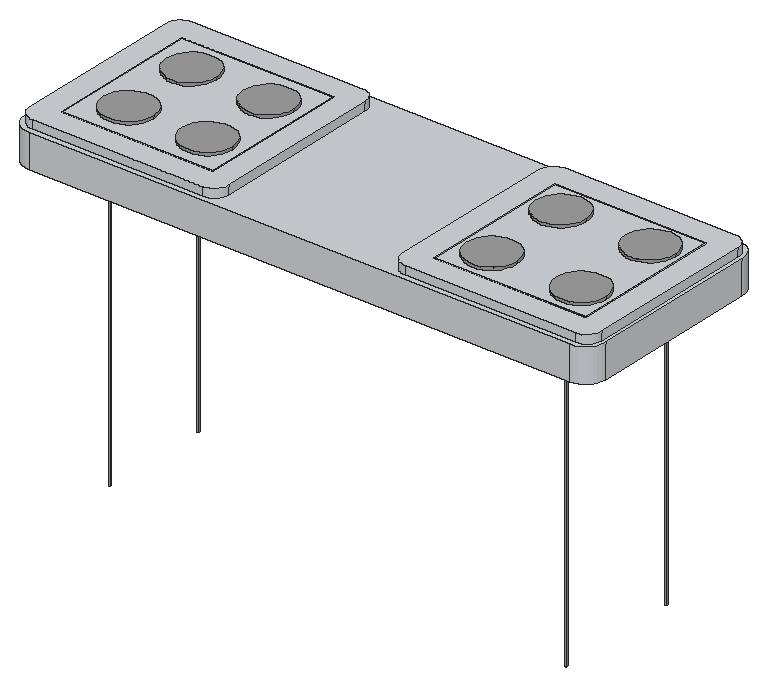
Revit family "Lighting-Industriale-GEWISS-SMART[4]HLO_APPARECCHI-LED_2M", category Apparecchi per illuminazione, Revit 2019
Family settings
  Quota connettore circolare = Usa diametro
  Tipo di parte = Normale
  Numero OmniClass = 23.80.70.00
  Titolo OmniClass = Lighting
  Basato su piano di lavoro = Sì
  Sempre verticale = No
  Taglio con vuoti quando caricato = No
  Sorgente d'illuminazione = No
  Condiviso = No
  Punto di calcolo locali = No
Parameters (values of type "GWS4222BQ857 - SMART4HB 2M C.PAS.ON/OFF HLO ELL.57K")
  Voltaggio = 230 V
  Viti esterne = "Acciaio inox"
  Versione file RFA = "20.11"
  Vano di alimentazione = "Integrato"
  URL = "https://www.gewiss.com/it/it"
  Tolleranza cromatica = "SDCM = 3"
  Tipologia sorgente luminosa = "LED - Non sostituibile"
  Tipo di installazione e montaggio = "Plafone - Parete - Sospensione"
  Tipo di apparecchio = "Riflettore industriale a LED&nbsp;"
  Tensione di alimentazione = "220 - 240 V"
  Temperatura di stoccaggio = "-40 +70 °C"
  Temperatura di esercizio = "-30°C ÷ +50 °C"
  Temperatura di colore = "5700K"
  Superficie massima esposta al vento : = "0,184 m²"
  Spostamento_y_etichetta [instance] = 0 mm
  Spostamento_y_effettivo_etichetta [instance] = 1500 mm - Spostamento_y_etichetta  # 1500 mm
  Spostamento_x_etichetta [instance] = 0 mm
  Spostamento_X_effettivo_etichetta [instance] = 1500 mm - Spostamento_x_etichetta  # 1500 mm
  SostituibilitÃ  piastra di cablaggio = "Non sostituibile"
  SostituibilitÃ  gruppo ottico = "Non sostituibile"
  Sistema di controllo : = "ON / OFF"
  Sistema di controllo = "ON / OFF"
  Schermo = "Vetro Temprato Spessore 4mm"
  Scheda Tecnica = "https://www.gewiss.com/it/it/search?q=GWS4222BQ857"
  SEO = "High bay"
  Resistenza al filo incandescente = "850 °C"
  Resistenza agli urti = "IK08"
  Produttore = "GEWISS S.p.A."
  Potenza di sistema = "125W"
  Peso (kg): = "6,5"
  Ottica = "Ellittica"
  Offset etichetta W [instance] = 150 mm
  Norma di riferimento = "EN 60598-1 ; EN 60598-2-1 ; EN 60598-2-24"
  Modello = "GWS4222BQ857"
  Materiali = "-"
  Lumen output (lm) = "16000"
  Lampada = "LED"
  Installazione e manutenzione = "-"
  Informazioni generali = "-"
  Indice di resa cromatica = "CRI-80"
  Inclinazione = "Con accessorio staffa"
  Immagine tipo = GWL1311.jpg
  IPEA = "-"
  IFC.TypeObject = ""
  IFC.ExportType = ""
  IFC.ExportAs = ""
  IDT = "d6c0a54b56be4af78e01cdd4bdcb8af8"
  IDF = "5274bbbe-5488-4b27-9c90-45de0a4a626a"
  Guarnizioni = "tipo siliconico antinvecchiamento "
  Gruppo ottico = "Riflettore in PC metallizzato e lenti in PMMA"
  Grado di protezione = "IP66"
  Garanzia = "5 anni"
  Gancio di chiusura = "-"
  Frequenza nominale (Hz) = "50/60 Hz"
  Fissaggio = "-"
  Finitura colore = "Grigio RAL 7035"
  Etichetta wattaggio [instance] = yes
  Trasformatore = none
  Struttura plafoniera = none
  Spessore plafoniera = 40 mm  # constant formula
  Default Elevation = 1219.2 mm  # constant formula
  Proiettsmart2_simb [instance] = yes
  Plafoniera bidimensionale [instance] = not(Proiettsmart2_simb)  # no
  Efficienza luminosa (lm/W) = "128"
  Durata di vita = "L90B10 (Tq+25°C) = 70.000 h - L90B10 (Tq+50°C) = 35.000 h"
  Dispositivo di protezione = "DM 6kV / CM 6kV"
  Descrizione = "SMART[4]HB 2M C.PAS.ON/OFF HLO ELL.57K"
  Creato da GEWISS S.p.A. = ""
  Corpo = "PA6 “Halogen Free” caricato fibra vetro"
  Controllo abbagliamento e luminanza = "-"
  Contesto = "Illuminazione di industrie e impianti sportivi"
  Commenti sul wattaggio = "97W"
  Colore = "Grigio RAL 7035"
  Codice digitale univoco (Datamatrix) = "Datamatrix"
  Codice Electrocod = "2444"
  Classificazione: = "-"
  Classificazione = Lighting
  Classe isolamento = "I"
  Classe fotobiologica = "RG0"
  Certificazioni e classificazioni = "-"
  Certificazione DIN 18032-3 = "Con Staffa - Kit Funi + morsetto (in approvazione)"
  Catalogo = "LIGHTING"
  Carico apparente = 97 VA
  Motore = none
  Mascherina = none
  Lunghezza = 699 mm  # constant formula
  Larghezza = 254 mm  # constant formula
  Distanza_tot_plafoniera [instance] = 350 mm
  Dist_sorg_lum = 10 mm  # constant formula
  Caratteristiche ottiche e illuminotecniche = "-"
  Caratteristiche elettriche e gestione della luce = "-"
  Cablaggio = "Con connettore stagno Gw connect"
  COBie.Tagnumber = ""
  COBie.CreatedOn = ""
  COBie.CreatebBy = ""
  COBie.ComponentRegisterItemID = ""
  COBie.Component.TagNumber = ""
  COBie.Component.Space = ""
  COBie.Component.SerialNumber = ""
  COBie.Component.InstallationDate = ""
  COBie.Component.Description = ""
  COBie.Component.BarCode = ""
  Applicazione = "Interno"
  Apparecchio a ridotta temperatura superficiale = "Si"
  Alimentatore = "Incluso"
Types (36, lengths in mm): name | Temperatura di colore | Scheda Tecnica | SEO | Ottica | Modello | Lumen output (lm) | IDT | Gruppo ottico | Efficienza luminosa (lm/W) | Descrizione | Controllo abbagliamento e luminanza
  GWS4220BA830 - SMART4HB 2M ST.AL.ON/OFF HLO ARR.30K | "3000K" | "https://www.gewiss.com/it/it/search?q=GWS4220BA830" | "" | "Array" | "GWS4220BA830" | "17200" | "24d03d014c0a4d3498f1affdcbeda462" | "Riflettore in PC metallizzato" | "138" | "SMART[4]HB 2M ST.AL.ON/OFF HLO ARR.30K" | "-"
  GWS4220BA840 - SMART4HB 2M ST.AL.ON/OFF HLO ARR.40K | "4000K" | "https://www.gewiss.com/it/it/search?q=GWS4220BA840" | "" | "Array" | "GWS4220BA840" | "18000" | "81e8a863ca61499da3269fac4440ab1c" | "Riflettore in PC metallizzato" | "144" | "SMART[4]HB 2M ST.AL.ON/OFF HLO ARR.40K" | "-"
  GWS4220BA857 - SMART4HB 2M ST.AL.ON/OFF HLO ARR.57K | "5700K" | "https://www.gewiss.com/it/it/search?q=GWS4220BA857" | "" | "Array" | "GWS4220BA857" | "18000" | "7f3521a36ad84bc18d65bf198d2a9bdd" | "Riflettore in PC metallizzato" | "144" | "SMART[4]HB 2M ST.AL.ON/OFF HLO ARR.57K" | "-"
  GWS4220BC830 - SMART4HB 2M ST.AL.ON/OFF HLO ASI.30K | "3000K" | "https://www.gewiss.com/it/it/search?q=GWS4220BC830" | "High bay" | "Asimmetrica" | "GWS4220BC830" | "15300" | "ba592e983c444e30b732b0e1f686411f" | "Riflettore in PC metallizzato e lenti in PMMA" | "122" | "SMART[4]HB 2M ST.AL.ON/OFF HLO ASI.30K" | "-"
  GWS4220BC840 - SMART4HB 2M ST.AL.ON/OFF HLO ASI.40K | "4000K" | "https://www.gewiss.com/it/it/search?q=GWS4220BC840" | "High bay" | "Asimmetrica" | "GWS4220BC840" | "16000" | "98fdf577c3f744edbe488c897f7331d0" | "Riflettore in PC metallizzato e lenti in PMMA" | "128" | "SMART[4]HB 2M ST.AL.ON/OFF HLO ASI.40K" | "-"
  GWS4220BC857 - SMART4HB 2M ST.AL.ON/OFF HLO ASI.57K | "5700K" | "https://www.gewiss.com/it/it/search?q=GWS4220BC857" | "High bay" | "Asimmetrica" | "GWS4220BC857" | "16000" | "df0d10ff848e4a35b1c0508332ffa1c0" | "Riflettore in PC metallizzato e lenti in PMMA" | "128" | "SMART[4]HB 2M ST.AL.ON/OFF HLO ASI.57K" | "-"
  GWS4220BF830 - SMART4HB 2M ST.AL.ON/OFF HLO 30° 30K | "3000K" | "https://www.gewiss.com/it/it/search?q=GWS4220BF830" | "" | "30°" | "GWS4220BF830" | "16800" | "9b4f86a385f04365bf5d1848084e3385" | "Riflettore in PC metallizzato e lenti in PMMA" | "134" | "SMART[4]HB 2M ST.AL.ON/OFF HLO 30° 30K" | "UGR - 19"
  GWS4220BF840 - SMART4HB 2M ST.AL.ON/OFF HLO 30° 40K | "4000K" | "https://www.gewiss.com/it/it/search?q=GWS4220BF840" | "" | "30°" | "GWS4220BF840" | "17600" | "0acb9741882f4124b2c72b769f003c05" | "Riflettore in PC metallizzato e lenti in PMMA" | "141" | "SMART[4]HB 2M ST.AL.ON/OFF HLO 30° 40K" | "UGR - 19"
  GWS4220BF857 - SMART4HB 2M ST.AL.ON/OFF HLO 30° 57K | "5700K" | "https://www.gewiss.com/it/it/search?q=GWS4220BF857" | "" | "30°" | "GWS4220BF857" | "17600" | "91496396c07540d4a9663451a58793eb" | "Riflettore in PC metallizzato e lenti in PMMA" | "141" | "SMART[4]HB 2M ST.AL.ON/OFF HLO 30° 57K" | "UGR - 19"
  GWS4220BH830 - SMART4HB 2M ST.AL.ON/OFF HLO 60° 30K | "3000K" | "https://www.gewiss.com/it/it/search?q=GWS4220BH830" | "" | "60°" | "GWS4220BH830" | "16900" | "dfecee9127624adf91331589a3649d6a" | "Riflettore in PC metallizzato e lenti in PMMA" | "135" | "SMART[4]HB 2M ST.AL.ON/OFF HLO 60° 30K" | "UGR - 22"
  GWS4220BH840 - SMART4HB 2M ST.AL.ON/OFF HLO 60° 40K | "4000K" | "https://www.gewiss.com/it/it/search?q=GWS4220BH840" | "" | "60°" | "GWS4220BH840" | "17700" | "1e5c2a38d3b74e2083426e324ecdf826" | "Riflettore in PC metallizzato e lenti in PMMA" | "142" | "SMART[4]HB 2M ST.AL.ON/OFF HLO 60° 40K" | "UGR - 22"
  GWS4220BH857 - SMART4HB 2M ST.AL.ON/OFF HLO 60° 57K | "5700K" | "https://www.gewiss.com/it/it/search?q=GWS4220BH857" | "" | "60°" | "GWS4220BH857" | "17700" | "a438571dba0d4dbb97ddd7da8efe13d8" | "Riflettore in PC metallizzato e lenti in PMMA" | "142" | "SMART[4]HB 2M ST.AL.ON/OFF HLO 60° 57K" | "UGR - 22"
  GWS4220BP830 - SMART4HB 2M ST.AL.ON/OFF HLO 90° 30K | "3000K" | "https://www.gewiss.com/it/it/search?q=GWS4220BP830" | "" | "90°" | "GWS4220BP830" | "17200" | "f41181f258904c788555baa6c87281e5" | "Riflettore in PC metallizzato e lenti in PMMA" | "138" | "SMART[4]HB 2M ST.AL.ON/OFF HLO 90° 30K" | "UGR - 25"
  GWS4220BP840 - SMART4HB 2M ST.AL.ON/OFF HLO 90° 40K | "4000K" | "https://www.gewiss.com/it/it/search?q=GWS4220BP840" | "" | "90°" | "GWS4220BP840" | "18000" | "70351733781d414397dfcd3f69f7ae31" | "Riflettore in PC metallizzato e lenti in PMMA" | "144" | "SMART[4]HB 2M ST.AL.ON/OFF HLO 90° 40K" | "UGR - 25"
  GWS4220BP857 - SMART4HB 2M ST.AL.ON/OFF HLO 90° 57K | "5700K" | "https://www.gewiss.com/it/it/search?q=GWS4220BP857" | "" | "90°" | "GWS4220BP857" | "18000" | "aadff2165c4643c3a8714c2f7a425822" | "Riflettore in PC metallizzato e lenti in PMMA" | "144" | "SMART[4]HB 2M ST.AL.ON/OFF HLO 90° 57K" | "UGR - 25"
  GWS4220BQ830 - SMART4HB 2M ST.AL.ON/OFF HLO ELL.30K | "3000K" | "https://www.gewiss.com/it/it/search?q=GWS4220BQ830" | "High bay" | "Ellittica" | "GWS4220BQ830" | "15300" | "9c1f54e1e65a4b89b1495931b2ca54bc" | "Riflettore in PC metallizzato e lenti in PMMA" | "122" | "SMART[4]HB 2M ST.AL.ON/OFF HLO ELL.30K" | "-"
  GWS4220BQ840 - SMART4HB 2M ST.AL.ON/OFF HLO ELL.40K | "4000K" | "https://www.gewiss.com/it/it/search?q=GWS4220BQ840" | "High bay" | "Ellittica" | "GWS4220BQ840" | "16000" | "047c150ec136493a8c7594ed9bbf5be2" | "Riflettore in PC metallizzato e lenti in PMMA" | "128" | "SMART[4]HB 2M ST.AL.ON/OFF HLO ELL.40K" | "-"
  GWS4220BQ857 - SMART4HB 2M ST.AL.ON/OFF HLO ELL.57K | "5700K" | "https://www.gewiss.com/it/it/search?q=GWS4220BQ857" | "High bay" | "Ellittica" | "GWS4220BQ857" | "16000" | "65e1e2272c6d492fb9228f131457e558" | "Riflettore in PC metallizzato e lenti in PMMA" | "128" | "SMART[4]HB 2M ST.AL.ON/OFF HLO ELL.57K" | "-"
  GWS4222BA830 - SMART4HB 2M C.PAS.ON/OFF HLO ARR.30K | "3000K" | "https://www.gewiss.com/it/it/search?q=GWS4222BA830" | "" | "Array" | "GWS4222BA830" | "17200" | "1a4eaa3897444e36a3a76e694b90e03b" | "Riflettore in PC metallizzato" | "138" | "SMART[4]HB 2M C.PAS.ON/OFF HLO ARR.30K" | "-"
  GWS4222BA840 - SMART4HB 2M C.PAS.ON/OFF HLO ARR.40K | "4000K" | "https://www.gewiss.com/it/it/search?q=GWS4222BA840" | "" | "Array" | "GWS4222BA840" | "18000" | "0ca93c9f7c9045e893334bd0f9e562e4" | "Riflettore in PC metallizzato" | "144" | "SMART[4]HB 2M C.PAS.ON/OFF HLO ARR.40K" | "-"
  GWS4222BA857 - SMART4HB 2M C.PAS.ON/OFF HLO ARR.57K | "5700K" | "https://www.gewiss.com/it/it/search?q=GWS4222BA857" | "" | "Array" | "GWS4222BA857" | "18000" | "979a982cd98f47a4b8e47fc84b34f6ff" | "Riflettore in PC metallizzato" | "144" | "SMART[4]HB 2M C.PAS.ON/OFF HLO ARR.57K" | "-"
  GWS4222BC830 - SMART4HB 2M C.PAS.ON/OFF HLO ASI.30K | "3000K" | "https://www.gewiss.com/it/it/search?q=GWS4222BC830" | "High bay" | "Asimmetrica" | "GWS4222BC830" | "15300" | "5210f148fd064117b11f4a473694ee56" | "Riflettore in PC metallizzato e lenti in PMMA" | "122" | "SMART[4]HB 2M C.PAS.ON/OFF HLO ASI.30K" | "-"
  GWS4222BC840 - SMART4HB 2M C.PAS.ON/OFF HLO ASI.40K | "4000K" | "https://www.gewiss.com/it/it/search?q=GWS4222BC840" | "High bay" | "Asimmetrica" | "GWS4222BC840" | "16000" | "082fd37b17804584a6454bd896f34976" | "Riflettore in PC metallizzato e lenti in PMMA" | "128" | "SMART[4]HB 2M C.PAS.ON/OFF HLO ASI.40K" | "-"
  GWS4222BC857 - SMART4HB 2M C.PAS.ON/OFF HLO ASI.57K | "5700K" | "https://www.gewiss.com/it/it/search?q=GWS4222BC857" | "High bay" | "Asimmetrica" | "GWS4222BC857" | "16000" | "74f3209b436046fca64abd47b3928625" | "Riflettore in PC metallizzato e lenti in PMMA" | "128" | "SMART[4]HB 2M C.PAS.ON/OFF HLO ASI.57K" | "-"
  GWS4222BF830 - SMART4HB 2M C.PAS.ON/OFF HLO 30° 30K | "3000K" | "https://www.gewiss.com/it/it/search?q=GWS4222BF830" | "" | "30°" | "GWS4222BF830" | "16800" | "2830fdbed2144c46a92d35b9d68d5526" | "Riflettore in PC metallizzato e lenti in PMMA" | "134" | "SMART[4]HB 2M C.PAS.ON/OFF HLO 30° 30K" | "UGR - 19"
  GWS4222BF840 - SMART4HB 2M C.PAS.ON/OFF HLO 30° 40K | "4000K" | "https://www.gewiss.com/it/it/search?q=GWS4222BF840" | "" | "30°" | "GWS4222BF840" | "17600" | "2d41e6448359410f84725a9c7e448fc2" | "Riflettore in PC metallizzato e lenti in PMMA" | "141" | "SMART[4]HB 2M C.PAS.ON/OFF HLO 30° 40K" | "UGR - 19"
  GWS4222BF857 - SMART4HB 2M C.PAS.ON/OFF HLO 30° 57K | "5700K" | "https://www.gewiss.com/it/it/search?q=GWS4222BF857" | "" | "30°" | "GWS4222BF857" | "17600" | "0d3fcac53db74395864c46d30daf92ae" | "Riflettore in PC metallizzato e lenti in PMMA" | "141" | "SMART[4]HB 2M C.PAS.ON/OFF HLO 30° 57K" | "UGR - 19"
  GWS4222BH830 - SMART4HB 2M C.PAS.ON/OFF HLO 60° 30K | "3000K" | "https://www.gewiss.com/it/it/search?q=GWS4222BH830" | "" | "60°" | "GWS4222BH830" | "16900" | "7b61570fa0214a46b9b5449d70670370" | "Riflettore in PC metallizzato e lenti in PMMA" | "135" | "SMART[4]HB 2M C.PAS.ON/OFF HLO 60° 30K" | "UGR - 22"
  GWS4222BH840 - SMART4HB 2M C.PAS.ON/OFF HLO 60° 40K | "4000K" | "https://www.gewiss.com/it/it/search?q=GWS4222BH840" | "" | "60°" | "GWS4222BH840" | "17700" | "abd8e9a36f2141b68ff8d1c1f3789db1" | "Riflettore in PC metallizzato e lenti in PMMA" | "142" | "SMART[4]HB 2M C.PAS.ON/OFF HLO 60° 40K" | "UGR - 22"
  GWS4222BH857 - SMART4HB 2M C.PAS.ON/OFF HLO 60° 57K | "5700K" | "https://www.gewiss.com/it/it/search?q=GWS4222BH857" | "" | "60°" | "GWS4222BH857" | "17700" | "0e7869c85aeb496f8c17a2ba1c742449" | "Riflettore in PC metallizzato e lenti in PMMA" | "142" | "SMART[4]HB 2M C.PAS.ON/OFF HLO 60° 57K" | "UGR - 22"
  GWS4222BP830 - SMART4HB 2M C.PAS.ON/OFF HLO 90° 30K | "3000K" | "https://www.gewiss.com/it/it/search?q=GWS4222BP830" | "" | "90°" | "GWS4222BP830" | "17200" | "1a70013f625240e9a308e4ba2e3b9218" | "Riflettore in PC metallizzato e lenti in PMMA" | "138" | "SMART[4]HB 2M C.PAS.ON/OFF HLO 90° 30K" | "UGR - 25"
  GWS4222BP840 - SMART4HB 2M C.PAS.ON/OFF HLO 90° 40K | "4000K" | "https://www.gewiss.com/it/it/search?q=GWS4222BP840" | "" | "90°" | "GWS4222BP840" | "18000" | "09276a53f66448a08fef41358c5d695d" | "Riflettore in PC metallizzato e lenti in PMMA" | "144" | "SMART[4]HB 2M C.PAS.ON/OFF HLO 90° 40K" | "UGR - 25"
  GWS4222BP857 - SMART4HB 2M C.PAS.ON/OFF HLO 90° 57K | "5700K" | "https://www.gewiss.com/it/it/search?q=GWS4222BP857" | "" | "90°" | "GWS4222BP857" | "18000" | "5ef7d065459643d6b1807ca7f614a277" | "Riflettore in PC metallizzato e lenti in PMMA" | "144" | "SMART[4]HB 2M C.PAS.ON/OFF HLO 90° 57K" | "UGR - 25"
  GWS4222BQ830 - SMART4HB 2M C.PAS.ON/OFF HLO ELL.30K | "3000K" | "https://www.gewiss.com/it/it/search?q=GWS4222BQ830" | "High bay" | "Ellittica" | "GWS4222BQ830" | "15300" | "0b487fdbf8fe4b668c181e8ccf1c5bfe" | "Riflettore in PC metallizzato e lenti in PMMA" | "122" | "SMART[4]HB 2M C.PAS.ON/OFF HLO ELL.30K" | "-"
  GWS4222BQ840 - SMART4HB 2M C.PAS.ON/OFF HLO ELL.40K | "4000K" | "https://www.gewiss.com/it/it/search?q=GWS4222BQ840" | "High bay" | "Ellittica" | "GWS4222BQ840" | "16000" | "f5ee89a9580b4c9eadddabb959193868" | "Riflettore in PC metallizzato e lenti in PMMA" | "128" | "SMART[4]HB 2M C.PAS.ON/OFF HLO ELL.40K" | "-"
  GWS4222BQ857 - SMART4HB 2M C.PAS.ON/OFF HLO ELL.57K | "5700K" | "https://www.gewiss.com/it/it/search?q=GWS4222BQ857" | "High bay" | "Ellittica" | "GWS4222BQ857" | "16000" | "d6c0a54b56be4af78e01cdd4bdcb8af8" | "Riflettore in PC metallizzato e lenti in PMMA" | "128" | "SMART[4]HB 2M C.PAS.ON/OFF HLO ELL.57K" | "-"
Reference planes
  plane 1 "Asse sorgente illuminazione (F/B)": y = 0
  plane 2: z = 0
  plane 3 "Asse sorgente illuminazione (L/R)": x = 0
  plane 4 "Prospetto sorgente di illuminazione": z = 1500
  plane 5: x = -349.5
  plane 6: y = 127
  plane 7: x = 349.5
  plane 8: y = -127
  plane 9: x = 344.5
  plane 10: x = -344.5
  plane 11: x = -104.5
  plane 12: x = 104.5
  plane 13: y = -1500
  plane 14: z = 390
  plane 15: z = 390
  plane 16: z = 400
  plane 17: z = 350
  plane 18: y = 0
  plane 19: x = -1500
  plane 20: x = 0
Dimensions and locks
  equal spacing: plane 6, plane 1 "Asse sorgente illuminazione (F/B)", plane 8
  "Larghezza": plane 6 to plane 8
  equal spacing: plane 5, plane 3 "Asse sorgente illuminazione (L/R)", plane 7
  "Lunghezza": plane 5 to plane 7
  locked: plane 5 to plane 10 at 5
  locked: plane 9 to plane 7 at 5
  locked: plane 16 to plane 14 at 10
  locked: plane 15 to plane 17 at 40
  "Distanza_tot_plafoniera": plane 17 to plane 2
  plane 1 "Asse sorgente illuminazione (F/B)" to plane 13 = 1500 mm
  "Spostamento_y_effettivo_etichetta": plane 18 to plane 13
  plane 19 to plane 3 "Asse sorgente illuminazione (L/R)" = 1500 mm
  "Spostamento_X_effettivo_etichetta": plane 19 to plane 20
  aligned and locked: level to plane 2
  aligned and locked: nested 15 to plane 14
  aligned and locked: plane 14 to nested 16
  aligned and locked: plane 16 to nested 8
  aligned and locked: nested 6 to plane 16
  aligned and locked: plane 16 to nested 7
  aligned and locked: nested 5 to plane 16
  aligned and locked: nested 3 to plane 16
  aligned and locked: plane 16 to nested 1
  aligned and locked: nested 4 to plane 16
  aligned and locked: plane 16 to nested 2
  aligned and locked: nested 11 to plane 2  (x2)
  aligned and locked: nested 10 to plane 2
  aligned and locked: nested 9 to plane 2
  aligned and locked: plane 14 to plane 15
  aligned and locked: plane 17 to nested 14
  aligned and locked: nested 17 to plane 18
  aligned and locked: nested 17 to plane 20
  aligned and locked: plane 2 to nested 18
  aligned and locked: plane 2 to nested 11
Nested families
  nested 1: "Gewis - Led" at (171.717, 52, 403), type "Gewis - Led", detail levels medium+fine
  nested 2: "Gewis - Led" at (279.5, 52, 403), type "Gewis - Led", detail levels medium+fine
  nested 3: "Gewis - Led" at (171.717, -52, 403), type "Gewis - Led", detail levels medium+fine
  nested 4: "Gewis - Led" at (279.5, -52, 403), type "Gewis - Led", detail levels medium+fine
  nested 5: "Gewis - Led" at (-174.5, 45, 403) x (-1, 0, 0) z (0, 0, 1), type "Gewis - Led", detail levels medium+fine
  nested 6: "Gewis - Led" at (-269.5, 47.625, 403) x (-1, 0, 0) z (0, 0, 1), type "Gewis - Led", detail levels medium+fine
  nested 7: "Gewis - Led" at (-174.5, -47.089, 403) x (-1, 0, 0) z (0, 0, 1), type "Gewis - Led", detail levels medium+fine
  nested 8: "Gewis - Led" at (-269.5, -47.089, 403) x (-1, 0, 0) z (0, 0, 1), type "Gewis - Led", detail levels medium+fine
  nested 9: "Sospensione_ SMART LAB 4" at (274.838, 81.5, 0), Altezza sospensione <- "Distanza_tot_plafoniera", type "Sospensione_ SMART LAB 4"
    with Altezza sospensione 350 mm, Default Elevation 350 mm
  nested 10: "Sospensione_ SMART LAB 4" at (274.838, -69, 0), Altezza sospensione <- "Distanza_tot_plafoniera", type "Sospensione_ SMART LAB 4"
    with Altezza sospensione 350 mm, Default Elevation 350 mm
  nested 11: "Sospensione_ SMART LAB 4" at (-276.662, -66.5, 0), Altezza sospensione <- "Distanza_tot_plafoniera", type "Sospensione_ SMART LAB 4"
    with Altezza sospensione 350 mm, Default Elevation 350 mm
  nested 12: "PROIETTSMART - 2" at (0, 0, 0), visible <- "Proiettsmart2_simb", type "PROIETTSMART - 2"
  nested 13: "Rappr_ bidimensionale_SMART (4)  4 + 4 L " at (0, 0, 0), visible <- "Plafoniera bidimensionale", type "SMART (4)  4 + 4 L_bidimensionale "
  nested 14: "Struttura_SMART 4" at (0, 0, 390), type "SMART 4 HB - 4+4L"
  nested 15: "mascherina_SMART (4)" at (-224.5, 0, 400) x (-1, 0, 0) z (0, 0, 1), type "Maschera_smart (4) 4L", detail levels fine
  nested 16: "mascherina_SMART (4)" at (224.5, 0, 400), type "Maschera_smart (4) 4L", detail levels fine
  nested 17: "ETICHETTA LIGHT" at (0, 0, 0), type "ETICHETTA LIGHT"
  nested 18: "Sospensione_ SMART LAB 4" at (-276.662, 66.5, 0), Altezza sospensione <- "Distanza_tot_plafoniera", type "Sospensione_ SMART LAB 4"
    with Altezza sospensione 350 mm, Default Elevation 350 mm
Connectors
  electrical at (0.009, -0.098, 350), driven by "Carico apparente"
    settings: on nested 14, index 1, voltage 230 V, apparent load 0 VA, apparent load phase1 97 VA, apparent load phase2 0 VA, apparent load phase3 0 VA, power factor 1, load classification "Lighting", number of poles 2, system type 31, power factor state 1, is connector primary yes, connector utility no, sub classification motor no, connector description ""
Definition of nested family "Gewis - Led"
  Parameters (values of type "Gewis - Led")
    Vetro = none
    Raggio led = 30 mm
    Default Elevation = 1219.2 mm
    Estensione vetro = 3 mm
  Reference planes
    plane 1 "Centro (Fronte/Retro)": y = 0
    plane 2: z = 0
    plane 3 "Centro (Sinistra/Destra)": x = 0
  Forms (mm)
    Extrusion 1, solid, material <- "Vetro"
      sketch origin (0, 0, 0) x (1, 0, 0) y (0, 1, 0)
        loop
          circle (0, 0) r 30
      from -3 to 0
  Dimensions and locks
    "Estensione vetro": level to Extrusion 1
    "Raggio led": radius of Extrusion 1 sketch curve
    aligned and locked: level to plane 2
    aligned and locked: level to Extrusion 1
  Automatic sketch dimensions
    plane 1 "Centro (Fronte/Retro)" to Extrusion 1 sketch curve = 0 mm
    Extrusion 1 sketch curve to plane 3 "Centro (Sinistra/Destra)" = 0 mm
Definition of nested family "Sospensione_ SMART LAB 4"
  Parameters (values of type "Sospensione_ SMART LAB 4")
    Default Elevation = 400 mm
    Altezza sospensione [instance] = 500 mm
  Reference planes
    plane 1 "Center (Front/Back)": y = 0
    plane 2: z = 0
    plane 3 "Center (Left/Right)": x = 0
    plane 4: z = 500
    plane 5: z = 30.7
  Forms (mm)
    Extrusion 1, solid
      sketch origin (0, 0, 0) x (1, 0, 0) y (0, 1, 0)
        loop
          circle (0, -0.028) r 1.25
      from 0 to 500
  Lines and regions (mm)
    model lines, not visible
      curve 1: line (0, 0, 0) -> (0, 0, 9.482)
  Dimensions and locks
    "Altezza sospensione": plane 4 to level
    plane 2 to plane 4 = 500 mm
    aligned and locked: level to plane 2
    aligned and locked: Extrusion 1 to plane 2
    aligned and locked: plane 4 to Extrusion 1
  Automatic sketch dimensions
    Extrusion 1 sketch curve to plane 3 "Center (Left/Right)" = 0 mm
    plane 1 "Center (Front/Back)" to Extrusion 1 sketch curve = 0.028 mm
    curve 1 to plane 3 "Center (Left/Right)" = 0 mm
    curve 1 to level = 0 mm
    curve 1 to curve 1 = 9.482 mm
    radius of Extrusion 1 sketch curve = 1.25 mm
Definition of nested family "Struttura_SMART 4"
  Parameters (values of type "SMART 4 HB - 4+4L")
    Struttura plafoniera = none
    Spessore_plafoniera = 40 mm
    Lunghezza = 699 mm
    Larghezza = 254 mm
  Types (2, lengths in mm): name | Lunghezza | Larghezza
    SMART Lab (4) 4L | 383 | 253
    SMART 4 HB - 4+4L | 699 | 254
  Reference planes
    plane 1 "Asse sorgente illuminazione (F/B)": y = 0
    plane 2: z = 0
    plane 3 "Asse sorgente illuminazione (L/R)": x = 0
    plane 4 "Prospetto sorgente di illuminazione": z = -40
    plane 5 "SX": x = -349.5
    plane 6 "DX": x = 349.5
    plane 7 "DIETRO": y = 127
    plane 8 "AVANTI": y = -127
    plane 9: x = 106.5
    plane 10: x = 338.5
    plane 11: y = -116
    plane 12: y = 116
    plane 13: x = -338.5
    plane 14: x = -106.5
  Forms (mm)
    Extrusion 1, solid, material <- "Struttura plafoniera"
      sketch origin (0, 0, 0) x (1, 0, 0) y (0, 1, 0)
        loop
          line (349.5, -102.595) -> (349.5, 102.59)
          arc (349.5, 102.59) -> (342.35, 119.85) -> (325.09, 127) r 24.41
          line (325.09, 127) -> (-325.009, 127)
          arc (-325.009, 127) -> (-342.554, 119.6) -> (-349.5, 101.871) r 24.499
          line (-349.5, 101.871) -> (-349.5, -102.592)
          arc (-349.5, -102.592) -> (-342.351, -119.851) -> (-325.092, -127) r 24.408
          line (-325.092, -127) -> (325.117, -127)
          arc (325.117, -127) -> (342.334, -119.868) -> (349.465, -102.652) r 24.348
      from -40 to 0
  Dimensions and locks
    equal spacing: plane 5 "SX", plane 3 "Asse sorgente illuminazione (L/R)", plane 6 "DX"
    equal spacing: plane 7 "DIETRO", plane 1 "Asse sorgente illuminazione (F/B)", plane 8 "AVANTI"
    "Lunghezza": plane 5 "SX" to plane 6 "DX"
    "Larghezza": plane 7 "DIETRO" to plane 8 "AVANTI"
    locked: plane 7 "DIETRO" to plane 12 at 11
    locked: plane 11 to plane 8 "AVANTI" at 11
    locked: plane 10 to plane 6 "DX" at 11
    locked: plane 9 to plane 10 at 232
    plane 13 to plane 14 = 232 mm
    locked: plane 5 "SX" to plane 13 at 11
    "Spessore_plafoniera": plane 2 to plane 4 "Prospetto sorgente di illuminazione"
    aligned and locked: level to plane 2
    aligned and locked: Extrusion 1 to plane 5 "SX"
    aligned and locked: Extrusion 1 to plane 8 "AVANTI"  (x2)
    aligned and locked: plane 7 "DIETRO" to Extrusion 1
    aligned and locked: plane 6 "DX" to Extrusion 1
    aligned and locked: plane 4 "Prospetto sorgente di illuminazione" to Extrusion 1
    aligned and locked: plane 2 to Extrusion 1
  Automatic sketch dimensions
    Extrusion 1 sketch curve to plane 5 "SX" = 0 mm
    Extrusion 1 sketch curve to plane 8 "AVANTI" = 0 mm
    Extrusion 1 sketch curve to plane 7 "DIETRO" = 0 mm
    Extrusion 1 sketch curve to plane 6 "DX" = 0 mm
    plane 13 to Extrusion 1 sketch curve = 13.408 mm
    plane 13 to Extrusion 1 sketch curve = 13.491 mm
    Extrusion 1 sketch curve to plane 10 = 13.41 mm
    Extrusion 1 sketch curve to plane 10 = 13.383 mm
    plane 11 to Extrusion 1 sketch curve = 13.348 mm
    Extrusion 1 sketch curve to plane 12 = 14.129 mm
    Extrusion 1 sketch curve to Extrusion 1 sketch curve = 0.056 mm
Definition of nested family "mascherina_SMART (4)"
  Parameters (values of type "Maschera_smart (4) 4L")
    Spessore_mascherina = 10 mm
    Default Elevation = 1219.2 mm
    N.intarsi = (Lunghezza_mascherina - (Bordo * 2)) / 15 mm  # 12
    N._intarsi verticale = (Larghezza_mascherina - (Bordo * 2)) / 17 mm  # 11
    Mascherina = none
    Lunghezza_mascherina = 240 mm
    Larghezza_mascherina = 240 mm
    Distanza_intarsi v. = 41 mm  # constant formula
    Distanza_intarsi = 37 mm  # constant formula
    Bordo = 29 mm
  Reference planes
    plane 1 "Centro (Fronte/Retro)": y = 0
    plane 2: z = 0
    plane 3 "Centro (Sinistra/Destra)": x = 0
    plane 4: x = -120
    plane 5 "Dietro": y = 120
    plane 6: x = 120
    plane 7: y = -120
    plane 8: x = -91
    plane 9: y = -91
    plane 10: x = 91
    plane 11: y = 91
    plane 12: x = -83
    plane 13: y = 94.742
    plane 14: y = -95
    plane 15: z = -10
    plane 16: x = -95
    plane 17: y = 79
    plane 18: y = -79
    plane 19: x = 95
    plane 20: z = -4.799
  Forms (mm)
    Extrusion 1, solid, material <- "Mascherina"
      sketch origin (0, 0, 0) x (1, 0, 0) y (0, 1, 0)
        loop
          arc (-102.5, 120) -> (-114.874, 114.874) -> (-120, 102.5) r 17.5
          line (-120, 102.5) -> (-120, -102.5)
          arc (-120, -102.5) -> (-114.874, -114.874) -> (-102.5, -120) r 17.5
          line (-102.5, -120) -> (102.5, -120)
          arc (102.5, -120) -> (114.874, -114.874) -> (120, -102.5) r 17.5
          line (120, -102.5) -> (120, 102.5)
          arc (120, 102.5) -> (114.874, 114.874) -> (102.5, 120) r 17.5
          line (102.5, 120) -> (-102.5, 120)
        loop
          line (-91, 91) -> (-91, -91) -> (91, -91) -> (91, 91) -> (-91, 91)
      from -10 to 0
    Extrusion 2, solid, material <- "Mascherina"
      sketch origin (0, 0, 0) x (1, 0, 0) y (0, 1, 0)
        loop
          line (-91, 91) -> (-91, -91) -> (91, -91) -> (91, 91) -> (-91, 91)
      from -4.799 to 0
  Dimensions and locks
    equal spacing: plane 4, plane 3 "Centro (Sinistra/Destra)", plane 6
    "Lunghezza_mascherina": plane 4 to plane 6
    equal spacing: plane 5 "Dietro", plane 1 "Centro (Fronte/Retro)", plane 7
    "Larghezza_mascherina": plane 5 "Dietro" to plane 7
    "Bordo": plane 4 to plane 8
    "Bordo": plane 9 to plane 7
    "Bordo": plane 5 "Dietro" to plane 11
    "Bordo": plane 10 to plane 6
    "Distanza_intarsi": plane 4 to plane 12
    locked: plane 13 to plane 11 at 3.742
    "Spessore_mascherina": plane 2 to plane 15
    "Distanza_intarsi v.": plane 5 "Dietro" to plane 17
    "Distanza_intarsi v.": plane 18 to plane 7
    locked: plane 9 to plane 14 at 4
    locked: plane 16 to plane 8 at 4
    locked: plane 10 to plane 19 at 4
    locked: plane 2 to plane 20 at 4.799
    radius of Extrusion 1 sketch curve = 17.5 mm  (x4)
    aligned and locked: level to plane 2
    aligned and locked: plane 4 to Extrusion 1 sketch curve
    aligned and locked: plane 6 to Extrusion 1 sketch curve
    aligned and locked: Extrusion 1 sketch curve to plane 5 "Dietro"
    aligned and locked: Extrusion 1 sketch curve to plane 7
    aligned and locked: Extrusion 1 sketch curve to plane 11
    aligned and locked: plane 8 to Extrusion 1 sketch curve
    aligned and locked: plane 9 to Extrusion 1 sketch curve
    aligned and locked: Extrusion 1 sketch curve to plane 10
    aligned and locked: plane 2 to Extrusion 1
    aligned and locked: Extrusion 1 to plane 15
    aligned and locked: Extrusion 2 sketch curve to plane 10
    aligned and locked: plane 9 to Extrusion 2 sketch curve
    aligned and locked: plane 8 to Extrusion 2 sketch curve
    aligned and locked: Extrusion 2 sketch curve to plane 11
    aligned and locked: plane 2 to Extrusion 2
    aligned and locked: Extrusion 2 to plane 20
Definition of nested family "PROIETTSMART - 2"
  Reference planes
    plane 1 "Centro (Fronte/Retro)": y = 0
    plane 2: z = 0
    plane 3 "Centro (Sinistra/Destra)": x = 0
  Lines and regions (mm)
    model lines, in view "Livello rif."
      curve 1: line (87.132, -21.515, 0) -> (43.932, -0.008, 0)
      curve 2: line (43.932, -0.008, 0) -> (87.132, 21.758, 0)
      curve 3: line (87.132, 21.758, 0) -> (87.132, -21.515, 0)
      curve 4: line (43.932, 21.629, 0) -> (43.932, -21.645, 0)
      curve 5: line (43.932, -0.008, 0) -> (18.672, -0.008, 0)
      curve 6: line (87.132, 0.122, 0) -> (105.785, 0.122, 0)
      curve 7: line (128.701, 66.747, 0) -> (128.701, -66.747, 0)
      curve 8: line (128.701, -66.747, 0) -> (-131.299, -66.747, 0)
      curve 9: line (-131.299, -66.747, 0) -> (-131.299, 66.747, 0)
      curve 10: line (-131.299, 66.747, 0) -> (128.701, 66.747, 0)
      curve 11: line (12.311, 49.667, 0) -> (111.66, 49.667, 0)
      curve 12: line (111.66, 49.667, 0) -> (111.66, -49.683, 0)
      curve 13: line (111.66, -49.683, 0) -> (12.311, -49.683, 0)
      curve 14: line (12.311, -49.683, 0) -> (12.311, 49.667, 0)
      curve 15: line (-39.438, -21.515, 0) -> (-82.637, -0.008, 0)
      curve 16: line (-82.637, -0.008, 0) -> (-39.438, 21.758, 0)
      curve 17: line (-39.438, 21.758, 0) -> (-39.438, -21.515, 0)
      curve 18: line (-82.637, 21.629, 0) -> (-82.637, -21.645, 0)
      curve 19: line (-82.637, -0.008, 0) -> (-107.898, -0.008, 0)
      curve 20: line (-39.438, 0.122, 0) -> (-20.785, 0.122, 0)
      curve 21: line (-114.259, 49.667, 0) -> (-14.909, 49.667, 0)
      curve 22: line (-14.909, 49.667, 0) -> (-14.909, -49.683, 0)
      curve 23: line (-14.909, -49.683, 0) -> (-114.259, -49.683, 0)
      curve 24: line (-114.259, -49.683, 0) -> (-114.259, 49.667, 0)
Definition of nested family "Rappr_ bidimensionale_SMART (4)  4 + 4 L "
  Reference planes
    plane 1 "Centro (Fronte/Retro)": y = 0
    plane 2: z = 0
    plane 3 "Centro (Sinistra/Destra)": x = 0
  Lines and regions (mm)
    model lines, in view "Livello rif."
      curve 1: circle (175.602, 47.039, 0) r 28.619 normal (0, 0, 1)
      curve 2: circle (269.602, -46.961, 0) r 28.619 normal (0, 0, 1)
      curve 3: circle (175.602, -46.961, 0) r 28.619 normal (0, 0, 1)
      curve 4: circle (269.602, 47.039, 0) r 28.619 normal (0, 0, 1)
      curve 5: arc (103.203, -104.051, 0) -> (107.722, -114.924, 0) -> (118.601, -119.425, 0) r 15.398
      curve 6: arc (-118.547, -119.425, 0) -> (-107.659, -114.915, 0) -> (-103.149, -104.027, 0) r 15.398
      curve 7: arc (-103.149, 103.973, 0) -> (-107.668, 114.87, 0) -> (-118.571, 119.371, 0) r 15.398
      curve 8: arc (-326.571, 119.371, 0) -> (-337.453, 114.844, 0) -> (-341.945, 103.948, 0) r 15.398
      curve 9: arc (-341.945, -104.002, 0) -> (-337.444, -114.906, 0) -> (-326.547, -119.425, 0) r 15.398
      curve 10: arc (326.601, -119.425, 0) -> (337.498, -114.906, 0) -> (342, -104.002, 0) r 15.398
      curve 11: arc (342, 103.998, 0) -> (337.472, 114.878, 0) -> (326.577, 119.371, 0) r 15.398
      curve 12: arc (118.577, 119.371, 0) -> (107.713, 114.861, 0) -> (103.203, 103.997, 0) r 15.398
      curve 13: arc (-349.401, -104, 0) -> (-342.727, -120.168, 0) -> (-326.575, -126.881, 0) r 22.854
      curve 14: arc (-326.574, 126.827, 0) -> (-342.707, 120.133, 0) -> (-349.401, 104, 0) r 22.854
      curve 15: arc (349.455, 104, 0) -> (342.742, 120.152, 0) -> (326.574, 126.827, 0) r 22.854
      curve 16: arc (326.573, -126.881, 0) -> (342.761, -120.187, 0) -> (349.455, -104, 0) r 22.854
      curve 17: circle (-175.548, -47.093, 0) r 28.619 normal (0, 0, 1)
      curve 18: circle (-269.548, 46.907, 0) r 28.619 normal (0, 0, 1)
      curve 19: circle (-175.548, 46.907, 0) r 28.619 normal (0, 0, 1)
      curve 20: circle (-269.548, -47.093, 0) r 28.619 normal (0, 0, 1)
      curve 21: line (130.101, -92.527, 0) -> (130.101, 92.473, 0)
      curve 22: line (130.101, 92.473, 0) -> (315.101, 92.473, 0)
      curve 23: line (315.101, 92.473, 0) -> (315.101, -92.527, 0)
      curve 24: line (315.101, -92.527, 0) -> (130.101, -92.527, 0)
      curve 25: line (103.203, -104.051, 0) -> (103.203, 103.997, 0)
      curve 26: line (118.601, -119.425, 0) -> (326.601, -119.425, 0)
      curve 27: line (-326.547, -119.425, 0) -> (-118.547, -119.425, 0)
      curve 28: line (-103.149, -104.027, 0) -> (-103.149, 103.973, 0)
      curve 29: line (-326.571, 119.371, 0) -> (-118.571, 119.371, 0)
      curve 30: line (-341.945, -104.002, 0) -> (-341.945, 103.948, 0)
      curve 31: line (342, -104.002, 0) -> (342, 103.998, 0)
      curve 32: line (118.577, 119.371, 0) -> (326.577, 119.371, 0)
      curve 33: line (-349.401, -104, 0) -> (-349.401, 104, 0)
      curve 34: line (326.574, 126.827, 0) -> (-326.574, 126.827, 0)
      curve 35: line (349.455, -104, 0) -> (349.455, 104, 0)
      curve 36: line (326.573, -126.881, 0) -> (-326.575, -126.881, 0)
      curve 37: line (-130.047, -92.527, 0) -> (-315.047, -92.527, 0)
      curve 38: line (-315.047, -92.527, 0) -> (-315.047, 92.473, 0)
      curve 39: line (-315.047, 92.473, 0) -> (-130.047, 92.473, 0)
      curve 40: line (-130.047, 92.473, 0) -> (-130.047, -92.527, 0)
Definition of nested family "ETICHETTA LIGHT"
  Parameters (values of type "ETICHETTA LIGHT")
    COMMENTI = "236W"
  Reference planes
    plane 1: y = 0
    plane 2: x = 0
  Text (mm)
    label "COMMENTI" at (-0.057, 0.105, 0), shows "COMMENTI"
